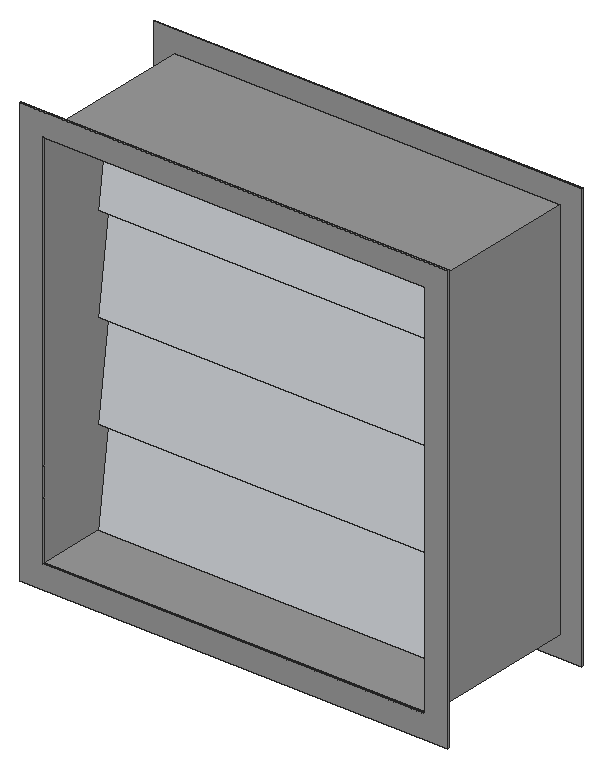
Revit family "НЕВАТОМ_Клапан KPNZ-90-F2-VN-MN-ML, Версия 2", category Арматура воздуховодов, Revit 2017
Family settings
  Размер круглого соединителя = Использовать диаметр
  Тип детали = Вставляется
  На основе рабочей плоскости = Нет
  Всегда вертикально = Нет
  При загрузке вырезать с полостями = Нет
  Общий = Нет
Parameters (values of type "KPNZ-90-AxB-F2-VN-MN")
  Ширина кожуха = 115 mm  # constant formula
  ТП1 = "Клапан1"
  ТП = "Клапан"
  Сравнение напряжения [instance] = if(U24, 1 mm, 0 mm)  # 1 mm
  Откр [instance] = BB - 8 mm  # 492 mm
  Материал корпуса = Сталь оцинкованная
  Клапан = "НЕВАТОМ_Клапан  KPNZ-90-F2-VN-MN-ML"  # constant formula
  B [instance] = 500 mm
  t = 2 mm  # constant formula
  n ламели = 4  # constant formula
  ADSK_Потеря давления воздуха = 0.0 Pa
  ADSK_Номинальная мощность [instance] = if(ADSK_Напряжение = 24 V, 0.007 kW, 0.040 kW)  # 0.007 kW
  ADSK_Коэффициент мощности = 0.9  # constant formula
  ADSK_Количество фаз = 1
  ADSK_Классификация нагрузок = none
  A [instance] = 500 mm
  a [instance] = size_lookup(ТП, "C", 0 mm, AA, BB)  # 85 mm
  U24 [instance] = yes
  U220 [instance] = and(not(U24))  # no
  S [instance] = 220 mm  # constant formula
  Nevatom_URL = "https://t.me/NEVATOM_Bim_bot"
  H = 140 mm  # constant formula
  F1 [instance] = if(F < 30 mm, 45 mm, 60 mm)  # 60 mm
  F [instance] = size_lookup(ТП, "F", 0 mm, AA, BB)  # 30 mm
  B2 [instance] = BB + F1  # 560 mm
  B1 [instance] = BB + F  # 530 mm
  BB [instance] = A  # 500 mm
  ADSK_Ток [instance] = ADSK_Полная мощность / ADSK_Напряжение / ADSK_Коэффициент мощности  # 0.360082 A
  ADSK_Расход воздуха = 0.0 m³/h
  ADSK_Размер_Ширина [instance] = S  # 220 mm
  ADSK_Размер_Длина [instance] = B2  # 560 mm
  ADSK_Размер_Высота [instance] = A2 + H  # 700 mm
  ADSK_Примечание = ""
  ADSK_Полная мощность [instance] = ADSK_Номинальная мощность / ADSK_Коэффициент мощности  # 0.00777778 kW
  ADSK_Позиция = ""
  ADSK_Напряжение [instance] = if(U220, 220 V, 24 V)  # 24 V
  Наименование [instance] = "Клапан противопожарный нормально закрытый"  # constant formula
  ADSK_Материал наименование = "Оцинкованная сталь"  # constant formula
  ADSK_Марка [instance] = size_lookup(Клапан, "", "Ошибка типоразмера", A, B, Сравнение напряжения)  # "KPNZ-90-500x500-F2-VN-MN24-ML-04"
  ADSK_Количество = 1  # constant formula
  ADSK_Код изделия = ""
  ADSK_Завод-изготовитель = "НЕВАТОМ"  # constant formula
  ADSK_Единица измерения = "шт."
  A2 [instance] = AA + F1  # 560 mm
  A1 [instance] = AA + F  # 530 mm
  A/4 [instance] = AA / 4  # 125 mm
  AA [instance] = B  # 500 mm
Reference planes
  plane 1 "По центру (Вперед/Назад)": y = 628.758
  plane 2: z = 0
  plane 3 "По центру (Влево/Вправо)": x = 0
  plane 4: z = 250
  plane 5: z = -250
  plane 6: x = 250
  plane 7: x = -250
  plane 8: z = 280
  plane 9: z = -280
  plane 10: x = 280
  plane 11: x = -280
  plane 12: y = 738.758
  plane 13: y = 518.758
  plane 14: y = 874.758
  plane 15: y = 382.758
  plane 16: z = 390
  plane 17: x = -57.5
  plane 18: x = 57.5
  plane 19: y = 703.758
  plane 20: y = 553.758
  plane 21: z = 360
  plane 22: z = -130
  plane 23: z = -125
Forms (mm)
  Extrusion 1, solid, material "Сталь оцинкованная" <- "Материал корпуса", detail levels medium+fine
    sketch origin (0, 628.758, 0) x (1, 0, 0) y (0, 0, 1)
      loop
        line (-280, 280) -> (-280, -280) -> (280, -280) -> (280, 280) -> (-280, 280)
      loop
        line (-250, 250) -> (-250, -250) -> (250, -250) -> (250, 250) -> (-250, 250)
    from 108 to 110
  Extrusion 2, solid, material "Сталь оцинкованная" <- "Материал корпуса", detail levels medium+fine
    sketch origin (0, 628.758, 0) x (1, 0, 0) y (0, 0, -1)
      loop
        line (-280, -280) -> (280, -280) -> (280, 280) -> (-280, 280) -> (-280, -280)
      loop
        line (-250, -250) -> (250, -250) -> (250, 250) -> (-250, 250) -> (-250, -250)
    from 108 to 110
  Extrusion 3, solid, material "Сталь оцинкованная" <- "Материал корпуса", detail levels medium+fine
    sketch origin (0, 628.758, 0) x (1, 0, 0) y (0, 0, 1)
      loop
        line (-250, 250) -> (-250, -250) -> (250, -250) -> (250, 250) -> (-250, 250)
      loop
        line (-252, 252) -> (-252, -252) -> (252, -252) -> (252, 252) -> (-252, 252)
    from -108 to 108
Lines and regions (mm)
  reference lines
    curve 1: line (0, 628.758, -125) -> (0, 628.758, -250)
    curve 2: line (0, 628.758, -250) -> (0, 623.085, -125)
Dimensions and locks
  equal spacing: plane 6, plane 3 "По центру (Влево/Вправо)", plane 7
  "BB": plane 6 to plane 7
  equal spacing: plane 4, level, plane 5
  "AA": plane 4 to plane 5
  equal spacing: plane 10, plane 3 "По центру (Влево/Вправо)", plane 11
  "B2": plane 10 to plane 11
  equal spacing: plane 8, level, plane 9
  "A2": plane 8 to plane 9
  equal spacing: plane 12, plane 1 "По центру (Вперед/Назад)", plane 13
  "S": plane 12 to plane 13
  equal spacing: plane 14, plane 1 "По центру (Вперед/Назад)", plane 15
  "Откр": plane 14 to plane 15
  "t": plane 12 to Extrusion 2
  "t": Extrusion 1 to plane 13
  "t": Extrusion 3 sketch curve to plane 6
  "t": plane 5 to Extrusion 3 sketch curve
  "t": Extrusion 3 sketch curve to plane 4
  "t": plane 7 to Extrusion 3 sketch curve
  "H": plane 16 to plane 4
  equal spacing: plane 18, plane 3 "По центру (Влево/Вправо)", plane 17
  "Ширина кожуха": plane 18 to plane 17
  plane 19 to plane 1 "По центру (Вперед/Назад)" to plane 20 = 75 mm locked, 75 mm locked
  locked: plane 21 to plane 4 at 110
  plane 20 to plane 1 "По центру (Вперед/Назад)" = 75 mm
  "A/4": plane 23 to plane 5
  equal spacing: group 4, group 3, group 2, group 1
  equal spacing: group 1, group 2, group 3, group 4  (x2)
  aligned and locked: level to plane 2
  aligned and locked: Extrusion 1 sketch curve to plane 8
  aligned and locked: plane 11 to Extrusion 1 sketch curve
  aligned and locked: plane 9 to Extrusion 1 sketch curve
  aligned and locked: Extrusion 1 sketch curve to plane 10
  aligned and locked: Extrusion 1 sketch curve to plane 4
  aligned and locked: plane 7 to Extrusion 1 sketch curve
  aligned and locked: plane 5 to Extrusion 1 sketch curve
  aligned and locked: Extrusion 1 sketch curve to plane 6
  aligned and locked: plane 12 to Extrusion 2
  aligned and locked: Extrusion 1 to plane 13
  aligned and locked: Extrusion 3 sketch curve to Extrusion 1  (x4)
  aligned and locked: Extrusion 3 to Extrusion 2
  aligned and locked: Extrusion 3 to Extrusion 1
  aligned and locked: plane 1 "По центру (Вперед/Назад)" to nested 1
  aligned and locked: plane 4 to nested 1
  aligned and locked: plane 23 to curve 1
  aligned and locked: plane 5 to curve 1
  aligned and locked: plane 1 "По центру (Вперед/Назад)" to curve 1
  aligned and locked: plane 7 to nested 2
  aligned and locked: nested 2 to plane 5
  aligned and locked: nested 1 to plane 18
  aligned and locked: plane 3 "По центру (Влево/Вправо)" to nested 3
  aligned and locked: plane 1 "По центру (Вперед/Назад)" to nested 3
  aligned and locked: nested 4 to plane 23
Automatic sketch dimensions
  Extrusion 2 sketch curve to plane 9 = 0 mm
  Extrusion 2 sketch curve to plane 11 = 0 mm
  Extrusion 2 sketch curve to plane 4 = 0 mm
  Extrusion 2 sketch curve to plane 7 = 0 mm
  Extrusion 2 sketch curve to plane 6 = 0 mm
  Extrusion 2 sketch curve to plane 8 = 0 mm
  Extrusion 2 sketch curve to plane 10 = 0 mm
  Extrusion 2 sketch curve to plane 5 = 0 mm
  curve 2 to plane 23 = 0 mm
  curve 2 to curve 1 = 5.673 mm
Nested families
  nested 1: "НЕВАТОМ_Привод Tasa_Sasa" at (-35.217, 580.876, 222.122) x (-0.0089, -1, 0) z (0, 0, 1), type "Привод TASA/SASA", detail levels medium+fine
  nested 2: "ламель под углом" at (0, 616.218, -250.436), B <- "BB", A/4 <- "A/4", type "ламель под углом", detail levels medium+fine
    with B 500 mm, A/4 125 mm
  nested 3: "НЕВАТОМ_УГО_Клапан" at (0, 628.758, 0), Ширина клапана <- "BB", Толщина клапана <- "S", type "НЕВАТОМ_УГО_Клапан", detail levels coarse
    with Ширина клапана 500 mm, Толщина клапана 220 mm, Количество 30, Длина I=98 498 mm
  nested 4: "ламель под углом" at (0, 616.218, -125.436), B <- "BB", A/4 <- "A/4", type "ламель под углом", detail levels medium+fine
    with B 500 mm, A/4 125 mm
  nested 5: "ламель под углом" at (0, 616.218, -0.436), B <- "BB", A/4 <- "A/4", type "ламель под углом", detail levels medium+fine
    with B 500 mm, A/4 125 mm
  nested 6: "ламель под углом" at (0, 616.218, 124.564), B <- "BB", A/4 <- "A/4", type "ламель под углом", detail levels medium+fine
    with B 500 mm, A/4 125 mm
Connectors
  hvac at (0, 520.758, 0), driven by "B", driven by "A", driven by "ADSK_Расход воздуха"
    settings: on Extrusion 1, index 1, duct flow 0.0 m³/h, flow factor 0, pres drop 0.0 Pa, loss coef 0, conn angle 0.00°, conn width 500 mm, conn height 500 mm, conn diameter 609.6 mm, duct sys type 29, conn prof type 1, flow config 0, flow direction 0, loss method 0, conn ref index 2, conn util no, is conn primary yes, conn desc ""
  hvac at (0, 736.758, 0), driven by "B", driven by "A", driven by "ADSK_Расход воздуха"
    settings: on Extrusion 3, index 2, duct flow 0.0 m³/h, flow factor 0, pres drop 0.0 Pa, loss coef 0, conn angle 0.00°, conn width 500 mm, conn height 500 mm, conn diameter 609.6 mm, duct sys type 29, conn prof type 1, flow config 0, flow direction 0, loss method 0, conn ref index 1, conn util no, is conn primary no, conn desc ""
  electrical at (0, 628.758, 250), driven by "ADSK_Напряжение", driven by "ADSK_Полная мощность", driven by "ADSK_Коэффициент мощности", driven by "ADSK_Количество фаз"
    settings: on Extrusion 3, index 3, voltage 24 V, apparent load 0.000 kW, apparent load phase1 0.00777778 kW, apparent load phase2 0.000 kW, apparent load phase3 0.000 kW, power factor 0.9, load classification "Прочее", number of poles 1, system type 31, power factor state 1, is connector primary yes, connector utility no, sub classification motor no, connector description ""
Definition of nested family "ламель под углом"
  Parameters (values of type "ламель под углом")
    B [instance] = 1500 mm
    A/4 [instance] = 1500 mm
  Reference planes
    plane 1 "По центру (Вперед/Назад)": y = 0
    plane 2: z = 0
    plane 3 "По центру (Влево/Вправо)": x = 0
    plane 4: z = 1500
    plane 5: x = -750
    plane 6: x = 750
  Forms (mm)
    Extrusion 1, solid
      sketch origin (0, -14.979, 0.436) x (0, -1, 0) y (0, 0, -1)
        loop
          line (-7.499, 0) -> (-27.501, 0) -> (-44.961, -1500) -> (-24.96, -1500) -> (-7.499, 0)
      from -750 to 750
  Lines and regions (mm)
    reference lines
      curve 1: line (0, 0, 0) -> (0, -17.46, 1500)
      curve 2: line (0, 0, 0) -> (0, 17.46, 1500)
  Dimensions and locks
    "A/4": plane 4 to level
    equal spacing: plane 6, plane 3 "По центру (Влево/Вправо)", plane 5
    "B": plane 6 to plane 5
    locked: Extrusion 1 to Extrusion 1 at 20
    aligned and locked: level to plane 2
    aligned and locked: plane 4 to curve 1
    aligned and locked: plane 1 "По центру (Вперед/Назад)" to curve 1
    aligned and locked: Extrusion 1 to plane 5
    aligned and locked: plane 6 to Extrusion 1
  Automatic sketch dimensions
    curve 2 to plane 4 = 0 mm
    curve 2 to level = 0 mm
    plane 1 "По центру (Вперед/Назад)" to curve 1 = 17.46 mm
    curve 2 to plane 1 "По центру (Вперед/Назад)" = 17.46 mm
    Extrusion 1 sketch curve to plane 4 = 0.436 mm
    Extrusion 1 sketch curve to level = 0.436 mm
    plane 1 "По центру (Вперед/Назад)" to Extrusion 1 sketch curve = 12.522 mm
    Extrusion 1 sketch curve to Extrusion 1 sketch curve = 20.001 mm
    plane 1 "По центру (Вперед/Назад)" to Extrusion 1 sketch curve = 29.982 mm
    Extrusion 1 sketch curve to plane 1 "По центру (Вперед/Назад)" = 7.48 mm
Definition of nested family "НЕВАТОМ_УГО_Клапан"
  Parameters (values of type "НЕВАТОМ_УГО_Клапан")
    Количество [instance] = 30
    Ширина клапана [instance] = 600 mm
    Толщина клапана [instance] = 600 mm
    Длина I=98 [instance] = Ширина клапана - 2 mm  # 598 mm
  Reference planes
    plane 1 "По центру (Вперед/Назад)": y = 0
    plane 2: z = 0
    plane 3 "По центру (Влево/Вправо)": x = 0
    plane 4: y = 300
    plane 5: y = -300
    plane 6: x = -300
    plane 7: x = 300
    plane 8: x = -299
    plane 9: x = 299
  Forms (mm)
    Extrusion 1, solid
      sketch origin (150, -150, 0) x (1, 0, 0) y (0, 1, 0)
        loop
          line (-449, -150) -> (149, -150) -> (149, -149) -> (-449, -149) -> (-449, -150)
      from 0 to 1
    Extrusion 2, solid
      sketch origin (150, 449, 0) x (1, 0, 0) y (0, 1, 0)
        loop
          line (-449, -150) -> (149, -150) -> (149, -149) -> (-449, -149) -> (-449, -150)
      from 0 to 1
    Extrusion 3, solid
      sketch origin (150, -129.345, 0) x (1, 0, 0) y (0, 1, 0)
        loop
          line (-449, -150) -> (149, -150) -> (149, -149) -> (-449, -149) -> (-449, -150)
      from 0 to 1
    Extrusion 4, solid
      sketch origin (150, -108.69, 0) x (1, 0, 0) y (0, 1, 0)
        loop
          line (-449, -150) -> (149, -150) -> (149, -149) -> (-449, -149) -> (-449, -150)
      from 0 to 1
    Extrusion 5, solid
      sketch origin (150, -88.034, 0) x (1, 0, 0) y (0, 1, 0)
        loop
          line (-449, -150) -> (149, -150) -> (149, -149) -> (-449, -149) -> (-449, -150)
      from 0 to 1
    Extrusion 6, solid
      sketch origin (150, -67.379, 0) x (1, 0, 0) y (0, 1, 0)
        loop
          line (-449, -150) -> (149, -150) -> (149, -149) -> (-449, -149) -> (-449, -150)
      from 0 to 1
    Extrusion 7, solid
      sketch origin (150, -46.724, 0) x (1, 0, 0) y (0, 1, 0)
        loop
          line (-449, -150) -> (149, -150) -> (149, -149) -> (-449, -149) -> (-449, -150)
      from 0 to 1
    Extrusion 8, solid
      sketch origin (150, -26.069, 0) x (1, 0, 0) y (0, 1, 0)
        loop
          line (-449, -150) -> (149, -150) -> (149, -149) -> (-449, -149) -> (-449, -150)
      from 0 to 1
    Extrusion 9, solid
      sketch origin (150, -5.414, 0) x (1, 0, 0) y (0, 1, 0)
        loop
          line (-449, -150) -> (149, -150) -> (149, -149) -> (-449, -149) -> (-449, -150)
      from 0 to 1
    Extrusion 10, solid
      sketch origin (150, 15.241, 0) x (1, 0, 0) y (0, 1, 0)
        loop
          line (-449, -150) -> (149, -150) -> (149, -149) -> (-449, -149) -> (-449, -150)
      from 0 to 1
    Extrusion 11, solid
      sketch origin (150, 35.897, 0) x (1, 0, 0) y (0, 1, 0)
        loop
          line (-449, -150) -> (149, -150) -> (149, -149) -> (-449, -149) -> (-449, -150)
      from 0 to 1
    Extrusion 12, solid
      sketch origin (150, 56.552, 0) x (1, 0, 0) y (0, 1, 0)
        loop
          line (-449, -150) -> (149, -150) -> (149, -149) -> (-449, -149) -> (-449, -150)
      from 0 to 1
    Extrusion 13, solid
      sketch origin (150, 77.207, 0) x (1, 0, 0) y (0, 1, 0)
        loop
          line (-449, -150) -> (149, -150) -> (149, -149) -> (-449, -149) -> (-449, -150)
      from 0 to 1
    Extrusion 14, solid
      sketch origin (150, 97.862, 0) x (1, 0, 0) y (0, 1, 0)
        loop
          line (-449, -150) -> (149, -150) -> (149, -149) -> (-449, -149) -> (-449, -150)
      from 0 to 1
    Extrusion 15, solid
      sketch origin (150, 118.517, 0) x (1, 0, 0) y (0, 1, 0)
        loop
          line (-449, -150) -> (149, -150) -> (149, -149) -> (-449, -149) -> (-449, -150)
      from 0 to 1
    Extrusion 16, solid
      sketch origin (150, 139.172, 0) x (1, 0, 0) y (0, 1, 0)
        loop
          line (-449, -150) -> (149, -150) -> (149, -149) -> (-449, -149) -> (-449, -150)
      from 0 to 1
    Extrusion 17, solid
      sketch origin (150, 159.828, 0) x (1, 0, 0) y (0, 1, 0)
        loop
          line (-449, -150) -> (149, -150) -> (149, -149) -> (-449, -149) -> (-449, -150)
      from 0 to 1
    Extrusion 18, solid
      sketch origin (150, 180.483, 0) x (1, 0, 0) y (0, 1, 0)
        loop
          line (-449, -150) -> (149, -150) -> (149, -149) -> (-449, -149) -> (-449, -150)
      from 0 to 1
    Extrusion 19, solid
      sketch origin (150, 201.138, 0) x (1, 0, 0) y (0, 1, 0)
        loop
          line (-449, -150) -> (149, -150) -> (149, -149) -> (-449, -149) -> (-449, -150)
      from 0 to 1
    Extrusion 20, solid
      sketch origin (150, 221.793, 0) x (1, 0, 0) y (0, 1, 0)
        loop
          line (-449, -150) -> (149, -150) -> (149, -149) -> (-449, -149) -> (-449, -150)
      from 0 to 1
    Extrusion 21, solid
      sketch origin (150, 242.448, 0) x (1, 0, 0) y (0, 1, 0)
        loop
          line (-449, -150) -> (149, -150) -> (149, -149) -> (-449, -149) -> (-449, -150)
      from 0 to 1
    Extrusion 22, solid
      sketch origin (150, 263.103, 0) x (1, 0, 0) y (0, 1, 0)
        loop
          line (-449, -150) -> (149, -150) -> (149, -149) -> (-449, -149) -> (-449, -150)
      from 0 to 1
    Extrusion 23, solid
      sketch origin (150, 283.759, 0) x (1, 0, 0) y (0, 1, 0)
        loop
          line (-449, -150) -> (149, -150) -> (149, -149) -> (-449, -149) -> (-449, -150)
      from 0 to 1
    Extrusion 24, solid
      sketch origin (150, 304.414, 0) x (1, 0, 0) y (0, 1, 0)
        loop
          line (-449, -150) -> (149, -150) -> (149, -149) -> (-449, -149) -> (-449, -150)
      from 0 to 1
    Extrusion 25, solid
      sketch origin (150, 325.069, 0) x (1, 0, 0) y (0, 1, 0)
        loop
          line (-449, -150) -> (149, -150) -> (149, -149) -> (-449, -149) -> (-449, -150)
      from 0 to 1
    Extrusion 26, solid
      sketch origin (150, 345.724, 0) x (1, 0, 0) y (0, 1, 0)
        loop
          line (-449, -150) -> (149, -150) -> (149, -149) -> (-449, -149) -> (-449, -150)
      from 0 to 1
    Extrusion 27, solid
      sketch origin (150, 366.379, 0) x (1, 0, 0) y (0, 1, 0)
        loop
          line (-449, -150) -> (149, -150) -> (149, -149) -> (-449, -149) -> (-449, -150)
      from 0 to 1
    Extrusion 28, solid
      sketch origin (150, 387.034, 0) x (1, 0, 0) y (0, 1, 0)
        loop
          line (-449, -150) -> (149, -150) -> (149, -149) -> (-449, -149) -> (-449, -150)
      from 0 to 1
    Extrusion 29, solid
      sketch origin (150, 407.69, 0) x (1, 0, 0) y (0, 1, 0)
        loop
          line (-449, -150) -> (149, -150) -> (149, -149) -> (-449, -149) -> (-449, -150)
      from 0 to 1
    Extrusion 30, solid
      sketch origin (150, 428.345, 0) x (1, 0, 0) y (0, 1, 0)
        loop
          line (-449, -150) -> (149, -150) -> (149, -149) -> (-449, -149) -> (-449, -150)
      from 0 to 1
  Lines and regions (mm)
    model lines
      curve 1: line (300, 300, 0) -> (300, -300, 0)
      curve 2: line (-300, 300, 0) -> (-300, -300, 0)
  Dimensions and locks
    equal spacing: plane 4, plane 1 "По центру (Вперед/Назад)", plane 5
    equal spacing: plane 6, plane 3 "По центру (Влево/Вправо)", plane 7
    "Толщина клапана": plane 4 to plane 5
    "Ширина клапана": plane 6 to plane 7
    equal spacing: plane 8, plane 3 "По центру (Влево/Вправо)", plane 9
    "Длина I=98": plane 8 to plane 9
    "Длина I=98": Extrusion 1 sketch curve to Extrusion 1 sketch curve
    Extrusion 1 sketch curve to Extrusion 1 sketch curve = 1 mm
    locked: Extrusion 1 to Extrusion 1 at 1
    "Длина I=98": Extrusion 2 sketch curve to Extrusion 2 sketch curve
    Extrusion 2 sketch curve to Extrusion 2 sketch curve = 1 mm
    locked: Extrusion 2 to Extrusion 2 at 1
    equal spacing: group 1, group 3, group 4, group 5, group 6, group 7, group 8, group 9, group 10, group 11, group 12, group 13, group 14, group 15, group 16, group 17, group 18, group 19, group 20, group 21, group 22, group 23, group 24, group 25, group 26, group 27, group 28, group 29, group 30, group 2  (x3)
    "Длина I=98": Extrusion 3 sketch curve to Extrusion 3 sketch curve
    Extrusion 3 sketch curve to Extrusion 3 sketch curve = 1 mm
    locked: Extrusion 3 to Extrusion 3 at 1
    "Длина I=98": Extrusion 4 sketch curve to Extrusion 4 sketch curve
    Extrusion 4 sketch curve to Extrusion 4 sketch curve = 1 mm
    locked: Extrusion 4 to Extrusion 4 at 1
    "Длина I=98": Extrusion 5 sketch curve to Extrusion 5 sketch curve
    Extrusion 5 sketch curve to Extrusion 5 sketch curve = 1 mm
    locked: Extrusion 5 to Extrusion 5 at 1
    "Длина I=98": Extrusion 6 sketch curve to Extrusion 6 sketch curve
    Extrusion 6 sketch curve to Extrusion 6 sketch curve = 1 mm
    locked: Extrusion 6 to Extrusion 6 at 1
    "Длина I=98": Extrusion 7 sketch curve to Extrusion 7 sketch curve
    Extrusion 7 sketch curve to Extrusion 7 sketch curve = 1 mm
    locked: Extrusion 7 to Extrusion 7 at 1
    "Длина I=98": Extrusion 8 sketch curve to Extrusion 8 sketch curve
    Extrusion 8 sketch curve to Extrusion 8 sketch curve = 1 mm
    locked: Extrusion 8 to Extrusion 8 at 1
    "Длина I=98": Extrusion 9 sketch curve to Extrusion 9 sketch curve
    Extrusion 9 sketch curve to Extrusion 9 sketch curve = 1 mm
    locked: Extrusion 9 to Extrusion 9 at 1
    "Длина I=98": Extrusion 10 sketch curve to Extrusion 10 sketch curve
    Extrusion 10 sketch curve to Extrusion 10 sketch curve = 1 mm
    locked: Extrusion 10 to Extrusion 10 at 1
    "Длина I=98": Extrusion 11 sketch curve to Extrusion 11 sketch curve
    Extrusion 11 sketch curve to Extrusion 11 sketch curve = 1 mm
    locked: Extrusion 11 to Extrusion 11 at 1
    "Длина I=98": Extrusion 12 sketch curve to Extrusion 12 sketch curve
    Extrusion 12 sketch curve to Extrusion 12 sketch curve = 1 mm
    locked: Extrusion 12 to Extrusion 12 at 1
    "Длина I=98": Extrusion 13 sketch curve to Extrusion 13 sketch curve
    Extrusion 13 sketch curve to Extrusion 13 sketch curve = 1 mm
    locked: Extrusion 13 to Extrusion 13 at 1
    "Длина I=98": Extrusion 14 sketch curve to Extrusion 14 sketch curve
    Extrusion 14 sketch curve to Extrusion 14 sketch curve = 1 mm
    locked: Extrusion 14 to Extrusion 14 at 1
    "Длина I=98": Extrusion 15 sketch curve to Extrusion 15 sketch curve
    Extrusion 15 sketch curve to Extrusion 15 sketch curve = 1 mm
    locked: Extrusion 15 to Extrusion 15 at 1
    "Длина I=98": Extrusion 16 sketch curve to Extrusion 16 sketch curve
    Extrusion 16 sketch curve to Extrusion 16 sketch curve = 1 mm
    locked: Extrusion 16 to Extrusion 16 at 1
    "Длина I=98": Extrusion 17 sketch curve to Extrusion 17 sketch curve
    Extrusion 17 sketch curve to Extrusion 17 sketch curve = 1 mm
    locked: Extrusion 17 to Extrusion 17 at 1
    "Длина I=98": Extrusion 18 sketch curve to Extrusion 18 sketch curve
    Extrusion 18 sketch curve to Extrusion 18 sketch curve = 1 mm
    locked: Extrusion 18 to Extrusion 18 at 1
    "Длина I=98": Extrusion 19 sketch curve to Extrusion 19 sketch curve
    Extrusion 19 sketch curve to Extrusion 19 sketch curve = 1 mm
    locked: Extrusion 19 to Extrusion 19 at 1
    "Длина I=98": Extrusion 20 sketch curve to Extrusion 20 sketch curve
    Extrusion 20 sketch curve to Extrusion 20 sketch curve = 1 mm
    locked: Extrusion 20 to Extrusion 20 at 1
    "Длина I=98": Extrusion 21 sketch curve to Extrusion 21 sketch curve
    Extrusion 21 sketch curve to Extrusion 21 sketch curve = 1 mm
    locked: Extrusion 21 to Extrusion 21 at 1
    "Длина I=98": Extrusion 22 sketch curve to Extrusion 22 sketch curve
    Extrusion 22 sketch curve to Extrusion 22 sketch curve = 1 mm
    locked: Extrusion 22 to Extrusion 22 at 1
    "Длина I=98": Extrusion 23 sketch curve to Extrusion 23 sketch curve
    Extrusion 23 sketch curve to Extrusion 23 sketch curve = 1 mm
    locked: Extrusion 23 to Extrusion 23 at 1
    "Длина I=98": Extrusion 24 sketch curve to Extrusion 24 sketch curve
    Extrusion 24 sketch curve to Extrusion 24 sketch curve = 1 mm
    locked: Extrusion 24 to Extrusion 24 at 1
    "Длина I=98": Extrusion 25 sketch curve to Extrusion 25 sketch curve
    Extrusion 25 sketch curve to Extrusion 25 sketch curve = 1 mm
    locked: Extrusion 25 to Extrusion 25 at 1
    "Длина I=98": Extrusion 26 sketch curve to Extrusion 26 sketch curve
    Extrusion 26 sketch curve to Extrusion 26 sketch curve = 1 mm
    locked: Extrusion 26 to Extrusion 26 at 1
    "Длина I=98": Extrusion 27 sketch curve to Extrusion 27 sketch curve
    Extrusion 27 sketch curve to Extrusion 27 sketch curve = 1 mm
    locked: Extrusion 27 to Extrusion 27 at 1
    "Длина I=98": Extrusion 28 sketch curve to Extrusion 28 sketch curve
    Extrusion 28 sketch curve to Extrusion 28 sketch curve = 1 mm
    locked: Extrusion 28 to Extrusion 28 at 1
    "Длина I=98": Extrusion 29 sketch curve to Extrusion 29 sketch curve
    Extrusion 29 sketch curve to Extrusion 29 sketch curve = 1 mm
    locked: Extrusion 29 to Extrusion 29 at 1
    "Длина I=98": Extrusion 30 sketch curve to Extrusion 30 sketch curve
    Extrusion 30 sketch curve to Extrusion 30 sketch curve = 1 mm
    locked: Extrusion 30 to Extrusion 30 at 1
    aligned and locked: level to plane 2
    aligned and locked: Extrusion 1 to plane 5  (x2)
    aligned and locked: plane 4 to Extrusion 2  (x2)
    aligned and locked: Extrusion 1 to plane 8
    aligned and locked: Extrusion 2 to plane 8
    aligned and locked: plane 8 to Extrusion 1
    aligned and locked: plane 9 to Extrusion 1
    aligned and locked: plane 5 to curve 1
    aligned and locked: plane 4 to curve 1
    aligned and locked: plane 5 to curve 2
    aligned and locked: plane 4 to curve 2
  Automatic sketch dimensions
    curve 2 to plane 6 = 0 mm
    curve 1 to plane 7 = 0 mm
Definition of nested family "НЕВАТОМ_Привод Tasa_Sasa"
  Parameters (values of type "Привод TASA/SASA")
    ADSK_Этаж = ""
    ADSK_Предел огнестойкости = ""
    ADSK_Позиция = ""
    ADSK_Обозначение = ""
    Наименование = "Привод TASA/SASA"  # constant formula
    ADSK_Марка = ""
    ADSK_Количество = 0
    ADSK_Код изделия = ""
    ADSK_Зона = ""
    ADSK_Единица измерения = ""
  Reference planes
    plane 1 "По центру (Вперед/Назад)": y = 0
    plane 2: z = 0
    plane 3 "По центру (Влево/Вправо)": x = 0
  Dimensions and locks
    aligned and locked: level to plane 2
